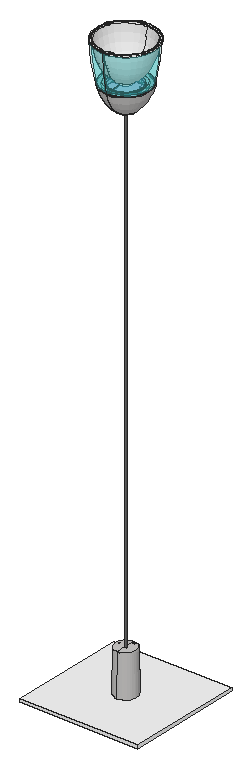
Revit family "BE_56565.2_de_DE", category Leuchten, Revit 2015
Parameters (values of type "BEGA_56565.2_K3")
  built-in parameter 1150104 = 10.442 (stored number, unit not read)
  Wattage = 19 W
  Default Elevation = 0 mm
  built-in parameter 1150113 = 1 (stored number, unit not read)
  built-in parameter 1114218 = 1 (stored number, unit not read)
  Umgebungstemperatur = ""
  URL = "http://www.bega.de/produkt/56565.2"
  Typenkommentare = "© 2017 BEGA. Wir behalten uns das Recht vor, technische Änderungen ohne vorherige Ankündigung vorzunehmen."  # constant formula
  built-in parameter 1150134 = (empty or 0)
  built-in parameter 1150109 = 1 (stored number, unit not read)
  Strom = ""
  built-in parameter 1150110 = 1 (stored number, unit not read)
  Spannung = 239.996 V
  Sonderanfertigung = no
  Seriennummer [instance] = "Hier können Sie die eindeutige Seriennummer für das Facility Management eintragen."
  Schutzklasse = "I"
  Schutzart = "IP 20"
  Scheinlast = 0 VA
  Produktdatenblatt = "http://www.bega.de/download/Xrfa/db/56565.2.db.de.pdf"
  Oberflächentemperatur = ""
  Neigungswinkel = 0.00°
  Modell = "56565.2"
  Material_18 = BEGA_Gummi_schwarz
  Material_17 = BEGA_Reflektor
  Material_15 = BEGA_Leuchtmedium_matt
  Material_11 = BEGA_Glas_opal
  Material_10 = BEGA_Glas_matt
  Material_09 = BEGA_Glas_klar
  Material_06 = BEGA_Oberfläche_Edelstahl_gebürstet
  Material_05 = BEGA_Oberfläche_Aluminium Guss
  Material_03 = BEGA_Oberfläche_Weiss_matt
  Material_02 = BEGA_Oberfläche_Silber_matt
  Material_01 [instance] = BEGA_Oberfläche_Grafit_matt
  M_W = no
  M_G = no
  M_A = no
  Logo = 0
  built-in parameter 1114217 = 1 (stored number, unit not read)
  built-in parameter 1150139 = (empty or 0)
  built-in parameter 1150105 = 169.95 (stored number, unit not read)
  built-in parameter 1150114 = 1 (stored number, unit not read)
  Lumens = 2135.6 lm
  built-in parameter 1150115 = 1 (stored number, unit not read)
  Leuchtenlichtstrom = "1424 lm"
  Leuchtenanzahl = ""
  Lebensdauerkriterien = "L70B50 @ 25 °C = 340000 h"
  Lastklassifizierung = Beleuchtung
  built-in parameter 1150112 = 1 (stored number, unit not read)
  Lampenlichtstrom = "2135 lm"
  Lampe = "LED 19 W"
  LED_Modulbezeichnung = "LED-0328/830"
  Hersteller = "BEGA"  # constant formula
  Halbstreuwinkel = ""
  Gewicht = "2.5 kg"
  Gebrauchslageneinschränkung [instance] = ""
  Frequenz = "0/50-60 Hz"
  Farbwiedergabeindex = "Ra > 80"
  Farbtemperaturverschiebung bei Dämpfen der Lampe = <Keine Auswahl>
  Farbtemperatur = "3000 K"
  Color Filter = 16777215
  built-in parameter 1150133 = 10 (stored number, unit not read)
  Energieeffizienzklasse = "LED A++ - A"
  built-in parameter 1150137 = (empty or 0)
  built-in parameter 1150132 = (empty or 0)
  ENEC = "ja"
  Dimmbar [instance] = "DALI"
  Datei für fotometrisches Netz = "BE_56565-1.IES"
  CE_Konformität = "ja"
  Bestellnummer = "56565.2"
  Beschreibung_Sonderanfertigung = "Hier können Sie Informationen zur Sonderanfertigung eintragen."
  Beschreibung = "Pendelleuchte"
  built-in parameter 1150106 = 1.6995 (stored number, unit not read)
  Befestigungsbohrung = ""
  Befestigungsabstand = ""
  Ballwurfsicher = ""
  BEGA_Intern_aus = yes
  BEGA_Intern_an = yes
  BEGA_Intern_Konstruktion = yes
  BEGA_Intern = yes
  BEGA_IES = yes
  BEGA_Dummy = no
  Anschlussleitung = ""
  Anschlussleistung [instance] = "23 W"
  Anschlusskasten = ""
  built-in parameter 1150107 = 3000 (stored number, unit not read)
  built-in parameter 1150102 = (empty or 0)
  built-in parameter 1150138 = (empty or 0)
  Aktualisierung = "2017-09-27T04:10:59"
  Abstand_zur_angestrahlten_Fläche [instance] = ""
  AC/DC = "AC/DC"
Types (2, lengths in mm): name | built-in parameter 1150104 | built-in parameter 1150134 | Modell | built-in parameter 1150105 | Lumens | Leuchtenlichtstrom | Lampenlichtstrom | LED_Modulbezeichnung | Farbtemperatur | Datei für fotometrisches Netz | Bestellnummer | built-in parameter 1150106 | built-in parameter 1150107
  BEGA_56565.2_K4 | 10.758 (stored number, unit not read) | 12 | "56565.2K4" | 175.09 (stored number, unit not read) | 2200.2 lm | "1503 lm" | "2200 lm" | "LED-0328/840" | "4000 K" | "BE_56565K4.IES" | "56565.2K4" | 1.7509 (stored number, unit not read) | 4000 (stored number, unit not read)
  BEGA_56565.2_K3 | 10.442 (stored number, unit not read) | (empty or 0) | "56565.2" | 169.95 (stored number, unit not read) | 2135.6 lm | "1424 lm" | "2135 lm" | "LED-0328/830" | "3000 K" | "BE_56565-1.IES" | "56565.2" | 1.6995 (stored number, unit not read) | 3000 (stored number, unit not read)
Reference planes
  plane 1 "Mitte (Vorne/Hinten)": y = 0
  plane 2: z = 0
  plane 3 "Mitte (Links/Rechts)": x = 0
  plane 4 "Links": x = -98.7
  plane 5 "Rechts": x = 98.7
  plane 6 "Unten": y = -98.701
  plane 7 "Oben": y = 98.701
  plane 8 "Vorne": z = 2000
  plane 9 "Hinten": z = 0
Forms (mm)
  Extrusion 1, solid, material "BEGA_Platte_Weiss"
    sketch origin (0, -1119.2, 0) x (1, 0, 0) y (0, 1, 0)
      loop
        line (-200, 1319.2) -> (-200, 919.2) -> (200, 919.2) -> (200, 1319.2) -> (-200, 1319.2)
    from 0 to -10
  Extrusion 2, solid, material "BEGA_Dummy_matt", visible <- "BEGA_Dummy"
    sketch origin (77.149, -76.023, 0) x (1, 0, 0) y (0, 1, 0)
      loop
        circle (-77.149, 76.023) r 98.7
    from 0 to 2000
Dimensions and locks
  plane 1 "Mitte (Vorne/Hinten)" to Extrusion 1 = 200 mm
  aligned and locked: plane 2 to Extrusion 1
  aligned and locked: level to Extrusion 1
Nested families
  nested 1: "BE_56565.2" at (0, 0, 0), type "BE_56565.2"
Connectors
  electrical at (0, 0, 0), driven by "Lastklassifizierung", driven by "Spannung", driven by "Scheinlast"
    settings: index 1, voltage 239.996 V, apparent load 0 VA, apparent load phase1 0 VA, apparent load phase2 0 VA, apparent load phase3 0 VA, power factor 1, load classification "Beleuchtung", number of poles 1, system type 31, power factor state 1, is connector primary yes, connector utility no, sub classification motor no, connector description ""
Definition of nested family "BE_56565.2"
  Parameters (values of type "BE_56565.2")
    Default Elevation = 1 mm
    URL = "http://www.bega.de/de/produkt"
    Type Comments = "© 2015 BEGA. Wir behalten uns das Recht vor, technische Änderungen ohne vorherige Ankündigung vorzunehmen. "  # constant formula
    Type Image = (empty or 0)
    Neigungswinkel_um_Z2 = 0.00°
    Neigungswinkel_um_Z1 = 0.00°
    Neigungswinkel_um_Y2 = 0.00°
    Neigungswinkel_um_Y1 = 0.00°
    Neigungswinkel_um_X2 = 0.00°
    Neigungswinkel_um_X1 = 0.00°
    Material_18 = none
    Material_17 = none
    Material_15 = none
    Material_11 = none
    Material_10 = none
    Material_09 = none
    Material_06 = none
    Material_05 = none
    Material_03 = none
    Material_02 = none
    Material_01 = none
    M_W = yes
    M_G = yes
    M_A = yes
    Länge_Platte = 300 mm  # constant formula
    Höhe_Platte = -10 mm  # constant formula
    Manufacturer = "BEGA"  # constant formula
    Drehwinkel_um_Z2 = 0.00°
    Drehwinkel_um_Z1 = 0.00°
    Breite_Platte = 300 mm  # constant formula
  Reference planes
    plane 1 "Mitte (Oben/Unten)": y = 0
    plane 2: z = 0
    plane 3 "Mitte (Links/Rechts)": x = 0
    plane 4: y = 98.701
    plane 5: z = 2000
    plane 6: y = -98.701
    plane 7: x = -98.7
    plane 8: x = 98.7
  Forms (mm)
    Extrusion 1, solid, detail levels medium
      sketch origin (0, 0, 0) x (1, 0, 0) y (0, 1, 0)
        loop
          line (-150, 150) -> (-150, -150) -> (150, -150) -> (150, 150) -> (-150, 150)
      from 0 to -10 <- "Höhe_Platte"
    Revolve 2, solid, material <- "Material_06", detail levels medium+fine
      sketch origin (0, 0, 0) x (0, 1, 0) y (0, 0, 1)
        loop
          line (-36.248, 0.5) -> (-34, 0.5) -> (-34, 2.676) -> (-32.481, 2.729) -> (-31.3, 138.025)
          arc (-31.3, 138.025) -> (-30.705, 139.423) -> (-29.3, 140) r 2
          line (-29.3, 140) -> (0, 140) -> (0, 143.501)
          arc (0, 143.501) -> (-17.512, 143.245) -> (-35.009, 142.479) r 600
          line (-35.009, 142.479) -> (-36.248, 0.5)
        axis (0, 0.5) -> (0, 143.501)
      angle from 0 to 360
    Revolve 3, solid, material <- "Material_05", detail levels medium+fine
      sketch origin (0, 0, 0) x (0, 1, 0) y (0, 0, 1)
        loop
          line (-32.14, 2) -> (-32.175, 1) -> (-33.765, 1) -> (-33.8, 0) -> (0, 0) -> (0, 2) -> (-32.14, 2)
        axis (0, 0) -> (0, 2)
      angle from 0 to 360
    Extrusion 4, void
      sketch origin (0, 0, 0) x (1, 0, 0) y (0, 1, 0)
        loop
          arc (-9.887, 12.652) -> (-16.053, -0.003) -> (-9.876, -12.652) r 16.053
          line (-9.876, -12.652) -> (9.484, -12.652)
          arc (9.484, -12.652) -> (15.815, -0.003) -> (9.495, 12.652) r 15.815
          line (9.495, 12.652) -> (-9.887, 12.652)
        loop
          circle (-0.016, 25) r 2.25
        loop
          circle (-0.016, -25) r 2.25
      from 0 to 3.541
    Revolve 5, solid, material <- "Material_03", detail levels medium+fine
      sketch origin (0, 0, 0) x (0, 1, 0) y (0, 0, 1)
        loop
          line (-90.72, 2000.004) -> (-97.699, 2000.004)
          arc (-97.699, 2000.004) -> (-98.408, 1999.71) -> (-98.701, 1999.002) r 1.002
          line (-98.701, 1999.002) -> (-98.701, 1997) -> (-97.7, 1997) -> (-97.614, 1999) -> (-90.721, 1999)
          spline (-90.721, 1999) -> (-89.535, 1984.896) -> (-87.434, 1971.047) -> (-84.441, 1957.596) -> (-80.582, 1944.682) -> (-75.892, 1932.438) -> (-70.424, 1920.981) -> (-64.234, 1910.431) -> (-57.378, 1900.901) -> (-49.924, 1892.488) -> (-41.947, 1885.28) -> (-33.527, 1879.353) -> (-24.75, 1874.77)
          line (-24.75, 1874.77) -> (-24.75, 1869.5) -> (-23.753, 1869.5) -> (-23.753, 1874.786)
          arc (-23.753, 1874.786) -> (-23.92, 1875.336) -> (-24.363, 1875.702) r 0.997
          spline (-24.363, 1875.702) -> (-33.016, 1880.219) -> (-41.329, 1886.071) -> (-49.216, 1893.198) -> (-56.598, 1901.528) -> (-63.396, 1910.973) -> (-69.543, 1921.438) -> (-74.973, 1932.814) -> (-79.633, 1944.984) -> (-83.472, 1957.823) -> (-86.453, 1971.199) -> (-88.544, 1984.974) -> (-89.723, 1999.007)
          arc (-89.723, 1999.007) -> (-90.015, 1999.712) -> (-90.72, 2000.004) r 0.996
        axis (0, 1869.5) -> (0, 2000.004)
      angle from 0 to 360
    Revolve 6, solid, material <- "Material_09", detail levels medium+fine
      sketch origin (0, 0, 0) x (0, 1, 0) y (0, 0, 1)
        loop
          arc (-97.614, 1999) -> (-92.825, 1931.295) -> (-80.779, 1864.497) r 629.936
          arc (-80.779, 1864.497) -> (-80.433, 1863.938) -> (-79.821, 1863.698) r 1.04
          line (-79.821, 1863.698) -> (-65.895, 1862.968) -> (-61, 1837.468) -> (-56.5, 1837.468) -> (-56.5, 1860.345)
          arc (-56.5, 1860.345) -> (-58.424, 1865.16) -> (-63.134, 1867.33) r 7
          line (-63.134, 1867.33) -> (-77.199, 1868.067)
          arc (-77.199, 1868.067) -> (-88.717, 1933.108) -> (-93.313, 1999) r 625.636
          line (-93.313, 1999) -> (-97.614, 1999)
        axis (0, 1837.468) -> (0, 1999)
      angle from 0 to 360
    Revolve 7, solid, material <- "Material_06", detail levels medium+fine
      sketch origin (0, 0, 0) x (0, 1, 0) y (0, 0, 1)
        loop
          line (0.025, 1775.9) -> (0.025, 1779.75)
          arc (0.025, 1779.75) -> (-21.17, 1783.699) -> (-39.04, 1795.761) r 53.013
          arc (-39.04, 1795.761) -> (-62.198, 1826.889) -> (-76.386, 1863) r 146.692
          line (-76.386, 1863) -> (-80.4, 1863)
          arc (-80.4, 1863) -> (-65.84, 1825.416) -> (-41.834, 1793.04) r 150.592
          arc (-41.834, 1793.04) -> (-24.398, 1780.841) -> (-3.7, 1775.9) r 56.913
          line (-3.7, 1775.9) -> (0.025, 1775.9)
        axis (0.025, 1775.9) -> (0.025, 1863)
      angle from 0 to 360
    Revolve 8, solid, material <- "Material_18", detail levels medium+fine
      sketch origin (0, 0, 0) x (0, 1, 0) y (0, 0, 1)
        loop
          line (-2.51, 118.995) -> (0, 118.995) -> (0, 1796.8) -> (-2.51, 1796.8) -> (-2.51, 118.995)
        axis (0, 1796.8) -> (0, 118.995)
      angle from 0 to 360
    Revolve 9, solid, material <- "Material_10", detail levels medium+fine
      sketch origin (0, 0, 0) x (0, 1, 0) y (0, 0, 1)
        loop
          line (0, 1869.794) -> (0, 1883.794)
          arc (0, 1883.794) -> (-11.444, 1882.094) -> (-21.9, 1877.14) r 39.364
          arc (-21.9, 1877.14) -> (-22.828, 1876.132) -> (-23.211, 1874.815) r 3
          line (-23.211, 1874.815) -> (-23.5, 1869.296) -> (-54.054, 1865.002) -> (-54.472, 1857.03)
          arc (-54.472, 1857.03) -> (-54.337, 1856.657) -> (-53.973, 1856.5) r 0.5
          line (-53.973, 1856.5) -> (-50.494, 1856.5) -> (-50.232, 1861.5) -> (-20.486, 1865.681)
          arc (-20.486, 1865.681) -> (-19.892, 1865.998) -> (-19.635, 1866.621) r 1
          line (-19.635, 1866.621) -> (-19.468, 1869.794) -> (0, 1869.794)
        axis (0, 1883.794) -> (0, 1856.5)
      angle from 0 to 360
  Cuts and joins
    Extrusion 4 cuts Revolve 3
  Dimensions and locks
    equal spacing: Extrusion 1 sketch curve, plane 3 "Mitte (Links/Rechts)", Extrusion 1 sketch curve
    equal spacing: Extrusion 1 sketch curve, plane 1 "Mitte (Oben/Unten)", Extrusion 1 sketch curve
    "Länge_Platte": Extrusion 1 sketch curve to Extrusion 1 sketch curve
    "Breite_Platte": Extrusion 1 sketch curve to Extrusion 1 sketch curve
    aligned and locked: Extrusion 1 to plane 2
    aligned and locked: level to Extrusion 1
  Automatic sketch dimensions
    Revolve 3 sketch curve to plane 1 "Mitte (Oben/Unten)" = 0 mm  (x2)
    Revolve 3 sketch curve to level = 0 mm  (x2)
    plane 1 "Mitte (Oben/Unten)" to Revolve 3 sketch curve = 32.14 mm
    Revolve 3 sketch curve to Revolve 3 sketch curve = 2.125 mm
    Revolve 3 sketch curve to Revolve 3 sketch curve = 0.035 mm  (x2)
    Revolve 3 sketch curve to Revolve 3 sketch curve = 1.59 mm
    level to Revolve 3 sketch curve = 1 mm
    Revolve 3 sketch curve to Revolve 3 sketch curve = 2 mm
    Extrusion 4 sketch curve to Extrusion 4 sketch curve = 0 mm  (x2)
    Extrusion 4 sketch curve to plane 3 "Mitte (Links/Rechts)" = 0 mm
    Extrusion 4 sketch curve to plane 3 "Mitte (Links/Rechts)" = 0.016 mm  (x2)
    Extrusion 4 sketch curve to plane 3 "Mitte (Links/Rechts)" = 9.876 mm
    Extrusion 4 sketch curve to plane 3 "Mitte (Links/Rechts)" = 9.887 mm
    plane 3 "Mitte (Links/Rechts)" to Extrusion 4 sketch curve = 9.484 mm
    plane 1 "Mitte (Oben/Unten)" to Extrusion 4 sketch curve = 25 mm
    Extrusion 4 sketch curve to plane 1 "Mitte (Oben/Unten)" = 0.004 mm
    Extrusion 4 sketch curve to Extrusion 4 sketch curve = 12.348 mm
    plane 1 "Mitte (Oben/Unten)" to Extrusion 4 sketch curve = 12.652 mm
    Revolve 2 sketch curve to plane 1 "Mitte (Oben/Unten)" = 0 mm  (x2)
    plane 1 "Mitte (Oben/Unten)" to Revolve 2 sketch curve = 29.3 mm
    Revolve 2 sketch curve to Revolve 2 sketch curve = 2 mm
    level to Revolve 2 sketch curve = 2.729 mm
    plane 1 "Mitte (Oben/Unten)" to Revolve 2 sketch curve = 32.481 mm
    Revolve 2 sketch curve to Revolve 2 sketch curve = 1.52 mm
    Revolve 2 sketch curve to Revolve 2 sketch curve = 3.709 mm
    level to Revolve 2 sketch curve = 0.5 mm
    Revolve 2 sketch curve to Revolve 2 sketch curve = 2.248 mm
    Revolve 2 sketch curve to level = 456.499 mm
    Revolve 2 sketch curve to Revolve 2 sketch curve = 0.053 mm
    Revolve 2 sketch curve to Revolve 2 sketch curve = 135.271 mm
    Revolve 2 sketch curve to Revolve 2 sketch curve = 0.025 mm
    Revolve 2 sketch curve to Revolve 2 sketch curve = 0 mm  (x4)
    Revolve 2 sketch curve to Revolve 2 sketch curve = 4.454 mm
    Revolve 2 sketch curve to Revolve 2 sketch curve = 46.562 mm
    plane 1 "Mitte (Oben/Unten)" to Revolve 7 sketch curve = 1.065 mm
    plane 1 "Mitte (Oben/Unten)" to Revolve 7 sketch curve = 3.7 mm
    Revolve 7 sketch curve to Revolve 7 sketch curve = 0 mm  (x8)
    Revolve 7 sketch curve to plane 1 "Mitte (Oben/Unten)" = 0.025 mm  (x2)
    Revolve 7 sketch curve to Revolve 7 sketch curve = 3.85 mm  (x2)
    Revolve 7 sketch curve to Revolve 7 sketch curve = 2.794 mm  (x2)
    Revolve 7 sketch curve to Revolve 7 sketch curve = 4.014 mm
    Revolve 7 sketch curve to Revolve 7 sketch curve = 2.721 mm
    Revolve 6 sketch curve to Revolve 6 sketch curve = 0 mm  (x6)
    Revolve 6 sketch curve to plane 1 "Mitte (Oben/Unten)" = 0 mm
    Revolve 6 sketch curve to Revolve 6 sketch curve = 4.5 mm
    Revolve 6 sketch curve to Revolve 6 sketch curve = 7 mm
    Revolve 6 sketch curve to Revolve 6 sketch curve = 2.395 mm
    Revolve 6 sketch curve to Revolve 6 sketch curve = 2.568 mm
    Revolve 6 sketch curve to Revolve 6 sketch curve = 0.054 mm
    Revolve 6 sketch curve to Revolve 6 sketch curve = 4.301 mm
    Revolve 6 sketch curve to Revolve 6 sketch curve = 22.871 mm
    Revolve 6 sketch curve to Revolve 6 sketch curve = 0.005 mm
    Revolve 6 sketch curve to Revolve 6 sketch curve = 2.629 mm
    Revolve 6 sketch curve to Revolve 6 sketch curve = 0.73 mm
    Revolve 6 sketch curve to Revolve 6 sketch curve = 1.039 mm
    Revolve 6 sketch curve to Revolve 6 sketch curve = 3.33 mm
    Revolve 6 sketch curve to Revolve 6 sketch curve = 130.933 mm
    Revolve 6 sketch curve to Revolve 6 sketch curve = 2.762 mm
    Revolve 6 sketch curve to Revolve 6 sketch curve = 4.538 mm
    Revolve 6 sketch curve to Revolve 6 sketch curve = 60 mm
    Revolve 5 sketch curve to plane 1 "Mitte (Oben/Unten)" = 0 mm
    plane 1 "Mitte (Oben/Unten)" to Revolve 5 sketch curve = 23.753 mm
    Revolve 5 sketch curve to Revolve 5 sketch curve = 0.997 mm  (x2)
    Revolve 5 sketch curve to Revolve 5 sketch curve = 0.001 mm  (x2)
    Revolve 5 sketch curve to Revolve 5 sketch curve = 6.893 mm
    Revolve 5 sketch curve to Revolve 5 sketch curve = 0.086 mm
    Revolve 5 sketch curve to Revolve 5 sketch curve = 1.001 mm
    Revolve 5 sketch curve to Revolve 5 sketch curve = 5.27 mm
    Revolve 5 sketch curve to Revolve 5 sketch curve = 0.013 mm
    Revolve 5 sketch curve to Revolve 5 sketch curve = 0.003 mm
    Revolve 5 sketch curve to Revolve 5 sketch curve = 122.217 mm
    Revolve 5 sketch curve to Revolve 5 sketch curve = 2 mm
    Revolve 5 sketch curve to Revolve 5 sketch curve = 0.002 mm
    Revolve 5 sketch curve to Revolve 5 sketch curve = 0.007 mm
    plane 1 "Mitte (Oben/Unten)" to Revolve 5 sketch curve = 0 mm
    Revolve 5 sketch curve to Revolve 5 sketch curve = 0.387 mm
    Revolve 5 sketch curve to Revolve 5 sketch curve = 19.011 mm
    Revolve 5 sketch curve to Revolve 5 sketch curve = 41.039 mm
    Revolve 5 sketch curve to Revolve 5 sketch curve = 10.984 mm
    Revolve 9 sketch curve to plane 1 "Mitte (Oben/Unten)" = 0 mm  (x2)
    plane 1 "Mitte (Oben/Unten)" to Revolve 9 sketch curve = 0.001 mm
    plane 1 "Mitte (Oben/Unten)" to Revolve 9 sketch curve = 19.468 mm
    Revolve 9 sketch curve to Revolve 9 sketch curve = 0.166 mm
    Revolve 9 sketch curve to Revolve 9 sketch curve = 0.746 mm
    Revolve 9 sketch curve to Revolve 9 sketch curve = 0.852 mm
    Revolve 9 sketch curve to Revolve 9 sketch curve = 0.147 mm
    Revolve 9 sketch curve to Revolve 9 sketch curve = 2.866 mm
    Revolve 9 sketch curve to Revolve 9 sketch curve = 0.262 mm
    Revolve 9 sketch curve to Revolve 9 sketch curve = 3.479 mm
    Revolve 9 sketch curve to Revolve 9 sketch curve = 3.822 mm
    Revolve 9 sketch curve to Revolve 9 sketch curve = 0.499 mm
    Revolve 9 sketch curve to Revolve 9 sketch curve = 12.07 mm
    Revolve 9 sketch curve to Revolve 9 sketch curve = 0.5 mm
    Revolve 9 sketch curve to Revolve 9 sketch curve = 5 mm
    Revolve 9 sketch curve to Revolve 9 sketch curve = 3.502 mm
    Revolve 9 sketch curve to Revolve 9 sketch curve = 21.25 mm
    Revolve 9 sketch curve to Revolve 9 sketch curve = 0.941 mm
    Revolve 9 sketch curve to Revolve 9 sketch curve = 2.627 mm
    Revolve 9 sketch curve to Revolve 9 sketch curve = 3.173 mm
    Revolve 9 sketch curve to Revolve 9 sketch curve = 4.864 mm
    Revolve 9 sketch curve to Revolve 9 sketch curve = 14 mm
    Revolve 9 sketch curve to Revolve 9 sketch curve = 1.685 mm
    Revolve 9 sketch curve to Revolve 9 sketch curve = 1.311 mm
    Revolve 9 sketch curve to Revolve 9 sketch curve = 0 mm  (x3)
    Revolve 9 sketch curve to Revolve 9 sketch curve = 4.35 mm
    Revolve 8 sketch curve to plane 1 "Mitte (Oben/Unten)" = 0 mm  (x2)
    Revolve 8 sketch curve to Revolve 8 sketch curve = 2.51 mm
    level to Revolve 8 sketch curve = 118.995 mm
    Revolve 8 sketch curve to Revolve 8 sketch curve = 50 mm
    plane 1 "Mitte (Oben/Unten)" to Revolve 5 sketch curve = 90.72 mm
    plane 1 "Mitte (Oben/Unten)" to Revolve 6 sketch curve = 56.5 mm
    Revolve 6 sketch curve to Revolve 6 sketch curve = 11.304 mm
    plane 1 "Mitte (Oben/Unten)" to Revolve 6 sketch curve = 93.313 mm
    plane 1 "Mitte (Oben/Unten)" to Revolve 7 sketch curve = 76.386 mm
    Revolve 9 sketch curve to Revolve 9 sketch curve = 26.732 mm
    plane 5 to Revolve 5 sketch curve = 130.5 mm
    Revolve 6 sketch curve to plane 5 = 9.529 mm
    Revolve 6 sketch curve to plane 4 = 433.533 mm
    plane 5 to Revolve 7 sketch curve = 224.1 mm
    plane 5 to Revolve 8 sketch curve = 203.2 mm
    Revolve 8 sketch curve to Revolve 8 sketch curve = 502.805 mm
    plane 5 to Revolve 9 sketch curve = 155.57 mm
    radius of Extrusion 4 sketch curve = 2.25 mm  (x2)
